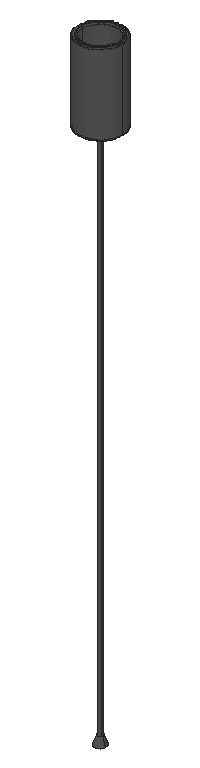
Revit family "CARLO CYLINDER LIGHT Pendant_ Surface", category Lighting Fixtures, host Face, Revit 2020 (continued)
Types (13): name | Wattage_Input | Wattage Comments | Wattage | built-in parameter 1150134 | Size 08 | Size 04 | Photometric Web File | built-in parameter 1150142 | Model | built-in parameter 1150105 | Lumens | built-in parameter 1150107 | built-in parameter 1150106 | Fixture Height | Fixture Diameter | BEAMING ANGLE | Apparent Load
    .79 819.75 824.09 827.97 831.34 \r\n 834.45 837.58 840.53 843.22 845.56 847.41 848.84 849.83 850.49 850.97 \r\n 849.27 \r\n2.1273 850.93 850.25 849.27 847.96 846.26 844.29 842.22 839.92 837.3 \r\n 834.51 831.73 828.74 825.3 821.6 817.8 813.77 809.41 804.75 799.66 \r\n 794.51 789.8 785 779.79 774.05 767.46 760.3 752.72 744.67 736.05 \r\n 727.18 718.46 709.45 699.68 689.58 679.45 669.21 658.82 648.43 638.33 \r\n 628 616.88 605.43 593.99 582.32 570.26 557.89 545.07 532.26 519.77 \r\n 507.94 497.49 487.61 477.67 467.92 458.37 449.02 439.92 430.91 421.81 \r\n 412.8 404.08 395.38 386.35 377.37 368.85 360.27 351.17 341.73 332.39 \r\n 321.94 309.19 294.56 277.77 259.76 241.49 222.65 203.11 183.38 163.92 \r\n 144.76 125.98 107.8 90.371 73.982 58.656 45.354 35.162 27.715 23.542 \r\n 21.055 18.775 16.909 15.117 13.562 12.297 11.304 10.636 10.125 9.6069 \r\n 9.1152 8.6109 8.1449 7.7728 7.4435 7.1207 6.8149 6.5245 6.2489 5.9857 \r\n 5.739 5.5181 5.3046 5.0771 4.8535 4.6471 4.4498 4.2604 4.0716 3.8684 \r\n 3.6724 3.5081 3.351 3.1797 3.0093 2.8475 2.6957 2.5637 2.4345 2.2858 \r\n 2.1425 2.0285 1.9252 1.8206 1.7187 1.6193 1.5238 1.4332 1.3491 1.2773 \r\n 1.2081 1.1313 1.0549 0.98346 0.91702 0.85851 0.80426 0.75206 0.70047 0.64503 \r\n 0.59259 0.55153 0.51282 0.4675 0.42381 0.38908 0.35703 0.32277 0.28942 0.25788 \r\n 0.22996 0.20938 0.19132 0.17164 0.15197 0.13357 0.11349 0.086633 0.060628 0.042554 \r\n 0.028976 0.019295 0.012078 0.005061 0.00013914 0 0 0 0 0 \r\n 0 0 0 0 0 0 0.00013494 0.0054518 0.015353 0.032678 \r\n 0.052164 0.068477 0.084677 0.10172 0.12058 0.14364 0.16766 0.19047 0.21124 0.22598 \r\n 0.24202 0.26657 0.2961 0.33053 0.36671 0.40032 0.43482 0.4728 0.51266 0.55311 \r\n 0.59583 0.64274 0.69188 0.74084 0.7929 0.85218 0.91374 0.97159 1.033 1.106 \r\n 1.1823 1.2566 1.3339 1.4172 1.5076 1.6101 1.7162 1.8145 1.9179 2.0367 \r\n 2.1669 2.3122 2.4606 2.5982 2.7341 2.8708 3.0153 3.1816 3.3509 3.5011 \r\n 3.6559 3.837 4.0277 4.2161 4.4089 4.6096 4.8155 5.025 5.2383 5.4527 \r\n 5.6749 5.9092 6.1597 6.4353 6.7262 7.0186 7.3335 7.6913 8.0812 8.4998 \r\n 8.9456 9.4008 9.9119 10.487 11.224 12.202 13.487 15.217 17.249 19.452 \r\n 21.921 24.27 27.818 33.699 42.084 53.815 68.01 84.227 101.98 120.68 \r\n 140.24 160.47 181.08 201.79 222.37 242.61 262.12 280.29 297.5 314.48 \r\n 329.58 340.65 349.94 359.07 367.69 375.93 384 392.16 400.34 408.53 \r\n 416.77 425.2 433.62 441.75 450.01 458.79 467.86 477.12 486.58 496.02 \r\n 505.92 516.79 528.29 540.31 552.68 565.34 577.81 589.5 600.76 611.71 \r\n 622.51 633.52 644.32 654.53 664.41 674.13 683.51 692.33 700.8 709.02 \r\n 717.17 725.6 733.79 741.26 748.28 754.91 761.36 768.03 774.52 780.48 \r\n 786.17 791.72 797.24 803.05 808.77 814.13 819.1 823.52 827.47 830.91 \r\n 834.11 837.36 840.42 843.21 845.6 847.41 848.77 849.69 850.34 850.91 \r\n 849.27 \r\n2.1273 850.8 850.05 849.2 848.05 846.3 844.29 842.32 840.13 837.46 \r\n 834.62 832.01 829.18 825.74 822 818.26 814.25 809.77 804.96 799.83 \r\n 794.71 790.19 785.57 780.34 774.55 768.06 760.96 753.23 744.99 736.33 \r\n 727.43 718.64 709.53 699.7 689.53 679.3 668.99 658.68 648.39 638.36 \r\n 628.08 616.97 605.51 594.03 582.35 570.41 558.13 545.2 532.28 519.79 \r\n 508.04 497.76 488.04 478.08 468.23 458.58 449.13 440.01 431 421.88 \r\n 412.83 404.01 395.21 386.18 377.19 368.59 359.93 350.83 341.38 331.99 \r\n 321.43 308.38 293.52 276.83 259.06 241.06 222.47 202.97 183.21 163.8 \r\n 144.65 125.82 107.52 89.838 73.227 57.885 44.68 34.706 27.488 23.428 \r\n 21.001 18.738 16.868 15.077 13.521 12.26 11.27 10.601 10.091 9.5886 \r\n 9.1138 8.6193 8.1596 7.7906 7.4612 7.1349 6.8248 6.5332 6.2564 5.9894 \r\n 5.7386 5.5148 5.2995 5.0728 4.8501 4.6423 4.4428 4.2509 4.0598 3.8557 \r\n 3.6594 3.4955 3.3387 3.1669 2.9946 2.8272 2.6706 2.5397 2.4131 2.2657 \r\n 2.1234 2.0095 1.9071 1.8077 1.7105 1.61 1.5119 1.4202 1.3361 1.2661 \r\n 1.1984 1.1193 1.0402 0.96884 0.90321 0.84494 0.79079 0.73868 0.68677 0.62985 \r\n 0.57593 0.53455 0.49596 0.4511 0.40743 0.37074 0.33694 0.30376 0.27156 0.23893 \r\n 0.20886 0.18433 0.16399 0.14879 0.13492 0.12013 0.1007 0.067104 0.03453 0.017641 \r\n 0.0084409 0.0047215 0.0037944 0.0016314 0.000044 0 0 0 0 0 \r\n 0 0 0 0 0 0 0.00019202 0.0081971 0.021805 0.043299 \r\n 0.066823 0.086823 0.10469 0.11806 0.13263 0.1552 0.18013 0.20456 0.22699 0.24255 \r\n 0.25853 0.28074 0.30868 0.34647 0.38613 0.4189 0.45125 0.48694 0.52533 0.56764 \r\n 0.61203 0.65632 0.70267 0.75245 0.80595 0.86547 0.92635 0.98151 1.0405 1.1143 \r\n 1.1919 1.2669 1.3444 1.4257 1.5147 1.6192 1.7289 1.833 1.9408 2.0573 \r\n 2.1842 2.3305 2.4797 2.6143 2.7471 2.8831 3.0284 3.198 3.3699 3.5173 \r\n 3.6683 3.848 4.0383 4.228 4.4218 4.6206 4.8245 5.0342 5.2485 5.4648 \r\n 5.6883 5.9218 6.1706 6.4449 6.7336 7.0212 7.3318 7.6897 8.079 8.4896 \r\n 8.9284 9.3881 9.9023 10.468 11.188 12.139 13.395 15.105 17.12 19.322 \r\n 21.773 24.068 27.497 33.117 41.223 52.821 66.842 82.702 99.954 117.87 \r\n 136.71 156.7 177.26 197.88 218.54 239.29 259.3 277.43 294.6 312.03 \r\n 327.67 339.06 348.58 357.86 366.59 374.94 383.07 391.21 399.38 407.74 \r\n 416.14 424.57 432.91 440.92 449 457.54 466.4 475.57 485.01 494.57 \r\n 504.56 515.25 526.54 538.47 550.81 563.58 576.21 587.98 599.28 610.15 \r\n 620.86 631.86 642.7 653.04 663.04 672.76 682.12 691.01 699.62 708.06 \r\n 716.37 724.65 732.7 740.38 747.64 754.26 760.65 767.26 773.72 779.74 \r\n 785.49 790.9 796.32 802.24 808.11 813.51 818.49 823 827.04 830.54 \r\n 833.79 837.15 840.33 843.19 845.62 847.4 848.71 849.58 850.23 850.87 \r\n 849.27 \r\n2.1273 850.72 849.95 849.14 848.03 846.29 844.28 842.36 840.2 837.52 \r\n 834.68 832.16 829.4 825.89 822.07 818.32 814.3 809.74 804.88 799.73 \r\n 794.65 790.24 785.72 780.46 774.62 768.14 761.02 753.18 744.84 736.13 \r\n 727.18 718.29 709.1 699.27 689.11 678.83 668.48 658.16 647.88 637.81 \r\n 627.5 616.36 604.88 593.43 581.77 569.83 557.53 544.54 531.56 519.09 \r\n 507.38 497.15 487.47 477.51 467.67 458.03 448.6 439.45 430.39 421.22 \r\n 412.1 403.21 394.34 385.28 376.26 367.57 358.82 349.7 340.24 330.79 \r\n 320.09 306.73 291.57 274.78 257.02 239.12 220.68 201.34 181.73 162.35 \r\n 143.2 124.4 106.1 88.284 71.595 56.419 43.487 33.848 26.944 23.05 \r\n 20.715 18.495 16.64 14.871 13.337 12.105 11.14 10.48 9.9759 9.4871 \r\n 9.029 8.5542 8.1114 7.7481 7.4204 7.0966 6.7885 6.4992 6.2245 5.9591 \r\n 5.7093 5.4853 5.2698 5.044 4.8224 4.6156 4.4167 4.224 4.0326 3.8312 \r\n 3.6375 3.4728 3.3147 3.1437 2.9727 2.8059 2.6498 2.5189 2.3928 2.2481 \r\n 2.1082 1.9934 1.89 1.7919 1.6961 1.5948 1.4959 1.4052 1.322 1.2521 \r\n 1.1842 1.1048 1.026 0.95674 0.89337 0.836 0.78203 0.72913 0.67656 0.6207 \r\n 0.5679 0.52605 0.48693 0.44286 0.4 0.3628 0.32865 0.29688 0.26604 0.23331 \r\n 0.20222 0.17478 0.15264 0.14094 0.13129 0.11772 0.098165 0.063048 0.028935 0.012299 \r\n 0.003838 0.00035055 0 0 0 0 0 0 0 0 \r\n 0 0 0 0 0 0 0.00019859 0.0086007 0.022533 0.043772 \r\n 0.066971 0.087308 0.10498 0.1158 0.12811 0.15163 0.17803 0.20212 0.22418 0.24094 \r\n 0.2579 0.27906 0.30575 0.3436 0.38375 0.41735 0.45005 0.48404 0.52077 0.56374 \r\n 0.6089 0.65195 0.69707 0.74732 0.80163 0.86137 0.92219 0.97686 1.0355 1.1099 \r\n 1.188 1.262 1.3379 1.4176 1.5054 1.6093 1.7195 1.8267 1.9372 2.0526 \r\n 2.1779 2.3247 2.4745 2.608 2.7394 2.8741 3.0188 3.1902 3.3642 3.5125 \r\n 3.6634 3.8409 4.0294 4.2206 4.4163 4.6149 4.8184 5.0283 5.2433 5.4607 \r\n 5.6855 5.92 6.1694 6.4427 6.7299 7.0165 7.3257 7.6811 8.0674 8.4744 \r\n 8.911 9.3738 9.8894 10.446 11.155 12.099 13.345 15.029 17.025 19.241 \r\n 21.705 23.98 27.363 32.907 40.912 52.409 66.266 81.829 98.693 116.1 \r\n 134.46 154.14 174.52 195.13 215.91 236.94 257.26 275.6 292.96 310.59 \r\n 326.42 338.01 347.7 357.11 365.93 374.34 382.53 390.71 398.92 407.35 \r\n 415.83 424.24 432.53 440.5 448.52 456.89 465.59 474.75 484.22 493.82 \r\n 503.8 514.33 525.44 537.29 549.64 562.47 575.18 587.05 598.43 609.3 \r\n 619.98 630.96 641.79 652.17 662.22 671.93 681.29 690.24 698.93 707.51 \r\n 715.9 724.08 732.03 739.82 747.2 753.78 760.11 766.77 773.29 779.34 \r\n 785.09 790.45 795.82 801.79 807.74 813.17 818.22 822.86 827.03 830.48 \r\n 833.67 837.08 840.32 843.19 845.61 847.38 848.68 849.58 850.24 850.89 \r\n 849.27 \r\n2.1273 850.7 849.95 849.08 847.91 846.23 844.28 842.32 840.13 837.48 \r\n 834.69 832.18 829.4 825.77 821.81 817.96 813.89 809.33 804.49 799.37 \r\n 794.31 789.93 785.42 780.15 774.26 767.68 760.45 752.57 744.2 735.43 \r\n 726.41 717.41 708.16 698.39 688.32 678.06 667.67 657.28 646.89 636.69 \r\n 626.25 615.04 603.55 592.18 580.59 568.52 556.07 543.06 530.1 517.67 \r\n 505.97 495.66 485.91 475.99 466.22 456.74 447.43 438.23 429.08 419.83 \r\n 410.64 401.68 392.77 383.67 374.61 365.81 356.96 347.81 338.32 328.81 \r\n 317.97 304.3 288.79 271.69 253.7 235.71 217.32 198.27 178.95 159.6 \r\n 140.44 121.73 103.54 85.736 69.131 54.301 41.807 32.609 26.09 22.412 \r\n 20.202 18.048 16.227 14.502 13.013 11.835 10.918 10.276 9.7816 9.3052 \r\n 8.8631 8.4171 8.0011 7.6462 7.3222 7.0068 6.7071 6.4235 6.1539 5.8954 \r\n 5.6516 5.4305 5.2165 4.9915 4.7711 4.5677 4.3724 4.1806 3.9908 3.7958 \r\n 3.6075 3.4407 3.2799 3.1109 2.9441 2.7845 2.6343 2.5023 2.3744 2.2335 \r\n 2.0972 1.9809 1.8743 1.7736 1.6758 1.5742 1.4763 1.3886 1.3073 1.2357 \r\n 1.166 1.0884 1.0128 0.94756 0.88776 0.83191 0.7782 0.72371 0.67024 0.61793 \r\n 0.56877 0.52632 0.48604 0.44312 0.40187 0.36565 0.33252 0.30245 0.27319 0.24136 \r\n 0.21041 0.18133 0.15802 0.14864 0.14136 0.12642 0.10586 0.074599 0.04419 0.026947 \r\n 0.015478 0.0059441 0 0 0 0 0 0 0 0 \r\n 0 0 0 0 0 0 0.00015269 0.0065415 0.017317 0.033957 \r\n 0.052564 0.069853 0.085465 0.095054 0.1073 0.13315 0.16145 0.18322 0.20287 0.2211 \r\n 0.24007 0.26154 0.28738 0.32192 0.35949 0.39552 0.43103 0.46404 0.49902 0.54136 \r\n 0.5863 0.62963 0.67515 0.7255 0.7799 0.8398 0.90118 0.95754 1.0178 1.0928 \r\n 1.1705 1.2417 1.3145 1.3932 1.4798 1.5807 1.6883 1.7955 1.9068 2.0223 \r\n 2.1476 2.2946 2.4447 2.5792 2.711 2.8437 2.9864 3.1579 3.3334 3.4862 \r\n 3.6407 3.8155 4.0008 4.1935 4.3918 4.5921 4.7966 5.0069 5.222 5.4398 \r\n 5.6655 5.9031 6.155 6.4277 6.7141 7.0034 7.3142 7.6643 8.0453 8.4531 \r\n 8.8919 9.3561 9.871 10.42 11.123 12.079 13.331 14.987 16.961 19.206 \r\n 21.71 23.998 27.408 33.058 41.135 52.559 66.26 81.592 98.202 115.41 \r\n 133.55 152.87 172.96 193.63 214.55 235.59 256.01 274.82 292.6 310.17 \r\n 325.85 337.52 347.34 356.82 365.71 374.16 382.38 390.66 398.96 407.38 \r\n 415.82 424.21 432.5 440.52 448.57 456.85 465.46 474.68 484.22 493.77 \r\n 503.64 514.01 524.98 536.81 549.17 562 574.74 586.71 598.2 609.15 \r\n 619.89 630.82 641.58 651.93 661.95 671.66 681.04 690.03 698.75 707.36 \r\n 715.75 723.89 731.79 739.58 746.96 753.46 759.75 766.56 773.24 779.27 \r\n 784.97 790.35 795.76 801.72 807.66 813.16 818.3 823.13 827.42 830.74 \r\n 833.76 837.13 840.37 843.2 845.59 847.36 848.69 849.68 850.4 850.95 \r\n 849.27 \r\n2.1273 850.69 849.98 849.03 847.78 846.16 844.28 842.27 840.03 837.43 \r\n 834.69 832.16 829.32 825.56 821.46 817.51 813.38 808.84 804.04 798.96 \r\n 793.92 789.54 785.01 779.7 773.75 767.05 759.72 751.82 743.43 734.61 \r\n 725.52 716.42 707.1 697.42 687.46 677.23 666.82 656.35 645.84 635.47 \r\n 624.87 613.59 602.08 590.8 579.26 567.04 554.43 541.41 528.49 516.12 \r\n 504.47 494.06 484.2 474.31 464.64 455.33 446.16 436.92 427.67 418.35 \r\n 409.09 400.09 391.14 382.02 372.91 364.01 355.06 345.89 336.38 326.79 \r\n 315.81 301.87 286.03 268.59 250.29 232.15 213.76 194.97 175.94 156.6 \r\n 137.42 118.83 100.78 83.047 66.585 52.133 40.093 31.338 25.201 21.738 \r\n 19.652 17.565 15.782 14.106 12.666 11.547 10.681 10.06 9.5755 9.1107 \r\n 8.6834 8.2669 7.8784 7.5317 7.2111 6.9052 6.6149 6.3373 6.0733 5.8228 \r\n 5.5863 5.3688 5.1568 4.9326 4.7132 4.5136 4.3222 4.132 3.9444 3.7566 \r\n 3.5744 3.4052 3.2412 3.0746 2.9129 2.7616 2.6184 2.485 2.3547 2.2177 \r\n 2.0852 1.9674 1.8577 1.7536 1.6531 1.5516 1.4552 1.3711 1.2918 1.2181 \r\n 1.1464 1.071 0.99919 0.93811 0.88198 0.82771 0.77431 0.71835 0.66414 0.61571 \r\n 0.57048 0.52737 0.48587 0.4444 0.40511 0.37001 0.33802 0.30974 0.28222 0.25166 \r\n 0.22127 0.19106 0.16685 0.15937 0.15382 0.1368 0.11491 0.088597 0.063024 0.045166 \r\n 0.030038 0.012957 0 0 0 0 0 0 0 0 \r\n 0 0 0 0 0 0 0.000099 0.0040837 0.011165 0.022609 \r\n 0.036029 0.049663 0.062902 0.071795 0.084609 0.11285 0.14286 0.16183 0.17864 0.19838 \r\n 0.21957 0.24174 0.26686 0.29723 0.33137 0.37 0.4088 0.44125 0.47471 0.51593 \r\n 0.56022 0.60431 0.65078 0.70118 0.75545 0.81525 0.87705 0.93548 0.99778 1.0732 \r\n 1.1504 1.2187 1.2883 1.366 1.4517 1.5493 1.6538 1.7604 1.872 1.9876 \r\n 2.1131 2.2599 2.4102 2.546 2.6785 2.8093 2.9499 3.1207 3.2971 3.4552 \r\n 3.6142 3.7864 3.9684 4.1625 4.3633 4.565 4.7706 4.9816 5.1972 5.4149 \r\n 5.6411 5.8817 6.1365 6.4084 6.694 6.9867 7.2996 7.6439 8.0189 8.4277 \r\n 8.8688 9.3333 9.8466 10.388 11.086 12.054 13.314 14.937 16.884 19.154 \r\n 21.698 24.006 27.454 33.228 41.396 52.752 66.304 81.415 97.804 114.91 \r\n 132.93 151.89 171.68 192.4 213.45 234.42 254.87 274.19 292.44 309.89 \r\n 325.36 337.09 347.01 356.57 365.51 373.98 382.24 390.62 399.01 407.4 \r\n 415.77 424.13 432.42 440.51 448.62 456.85 465.41 474.69 484.28 493.77 \r\n 503.53 513.77 524.62 536.43 548.8 561.62 574.37 586.44 598.04 609.12 \r\n 619.93 630.82 641.51 651.8 661.78 671.49 680.89 689.92 698.67 707.28 \r\n 715.66 723.76 731.63 739.38 746.73 753.16 759.44 766.42 773.27 779.28 \r\n 784.93 790.36 795.81 801.73 807.64 813.21 818.47 823.48 827.88 831.06 \r\n 833.88 837.21 840.43 843.2 845.55 847.34 848.72 849.81 850.57 851.03 \r\n 849.27 \r\n2.1273 850.7 850.03 848.98 847.65 846.09 844.28 842.21 839.92 837.38 \r\n 834.69 832.14 829.22 825.33 821.1 817.04 812.84 808.32 803.58 798.55 \r\n 793.56 789.14 784.55 779.18 773.16 766.34 758.91 751 742.62 733.76 \r\n 724.61 715.41 706.04 696.46 686.61 676.4 665.97 655.43 644.8 634.24 \r\n 623.47 612.11 600.59 589.39 577.91 565.53 552.74 539.72 526.86 514.61 \r\n 503.02 492.51 482.55 472.67 463.09 453.96 444.93 435.65 426.31 416.93 \r\n 407.63 398.6 389.62 380.48 371.33 362.35 353.32 344.13 334.59 324.92 \r\n 313.81 299.65 283.54 265.74 247.13 228.79 210.33 191.76 172.96 153.61 \r\n 134.39 115.92 98.036 80.435 64.165 50.086 38.473 30.131 24.346 21.081 \r\n 19.111 17.087 15.341 13.715 12.327 11.266 10.449 9.8492 9.3758 8.9214 \r\n 8.5071 8.1181 7.7555 7.416 7.0983 6.8015 6.5205 6.2487 5.99 5.7476 \r\n 5.5185 5.305 5.0952 4.8718 4.6533 4.4572 4.2697 4.0814 3.8964 3.7158 \r\n 3.5396 3.368 3.2009 3.037 2.8805 2.7378 2.6016 2.4665 2.3335 2.2001 \r\n 2.0712 1.9525 1.8402 1.7324 1.6291 1.528 1.4336 1.3529 1.2758 1.2001 \r\n 1.1265 1.0534 0.9852 0.92799 0.87522 0.82242 0.7694 0.71233 0.6577 0.61297 \r\n 0.57139 0.52757 0.48494 0.44522 0.40816 0.37403 0.34299 0.31654 0.29091 0.26182 \r\n 0.23229 0.20144 0.17663 0.17067 0.16629 0.14672 0.12325 0.10211 0.081717 0.063396 \r\n 0.044684 0.020027 0 0 0 0 0 0 0 0 \r\n 0 0 0 0 0 0 0.000045 0.0016107 0.0050632 0.01164 \r\n 0.0202 0.030188 0.041094 0.049795 0.063586 0.093928 0.1252 0.14122 0.15512 0.1763 \r\n 0.19969 0.22277 0.2473 0.27317 0.30348 0.34451 0.3866 0.41893 0.45124 0.49098 \r\n 0.53426 0.57941 0.62723 0.67767 0.73165 0.791 0.85291 0.91338 0.97773 1.0535 \r\n 1.1301 1.1957 1.2626 1.3394 1.4241 1.5187 1.6203 1.7261 1.8376 1.9532 \r\n 2.0787 2.2252 2.3754 2.5124 2.6458 2.7749 2.9134 3.0828 3.2596 3.423 \r\n 3.5868 3.7568 3.9357 4.1309 4.3337 4.5362 4.7426 4.955 5.1715 5.3885 \r\n 5.6145 5.8578 6.1151 6.3859 6.6705 6.9665 7.2814 7.6201 7.9888 8.3977 \r\n 8.8398 9.3034 9.8141 10.349 11.042 12.019 13.28 14.867 16.782 19.069 \r\n 21.645 23.972 27.455 33.331 41.567 52.854 66.262 81.155 97.341 114.43 \r\n 132.39 151.03 170.52 191.28 212.42 233.26 253.69 273.51 292.24 309.58 \r\n 324.83 336.61 346.64 356.25 365.24 373.73 382.02 390.51 398.97 407.3 \r\n 415.58 423.92 432.22 440.37 448.54 456.76 465.32 474.64 484.26 493.68 \r\n 503.35 513.47 524.22 536.02 548.41 561.2 573.96 586.11 597.84 609.05 \r\n 619.96 630.83 641.45 651.67 661.61 671.32 680.75 689.82 698.61 707.2 \r\n 715.56 723.64 731.48 739.18 746.47 752.85 759.13 766.29 773.32 779.32 \r\n 784.93 790.41 795.9 801.77 807.64 813.29 818.69 823.85 828.34 831.38 \r\n 834.02 837.3 840.5 843.2 845.5 847.32 848.77 849.94 850.75 851.11 \r\n 849.27 \r\n2.1273 850.71 850.07 848.95 847.54 846.03 844.28 842.16 839.81 837.34 \r\n 834.72 832.11 829.1 825.12 820.78 816.62 812.35 807.84 803.15 798.2 \r\n 793.25 788.78 784.1 778.65 772.54 765.63 758.12 75
    0.21 741.84 732.95 \r\n 723.75 714.48 705.07 695.58 685.84 675.65 665.2 654.6 643.87 633.13 \r\n 622.18 610.75 599.21 588.08 576.64 564.09 551.15 538.13 525.36 513.26 \r\n 501.81 491.21 481.14 471.27 461.75 452.76 443.86 434.55 425.14 415.73 \r\n 406.41 397.36 388.36 379.21 370.05 361.01 351.9 342.71 333.16 323.41 \r\n 312.17 297.87 281.56 263.45 244.52 225.97 207.4 188.94 170.29 150.89 \r\n 131.62 113.26 95.54 78.118 62.08 48.331 37.079 29.085 23.595 20.498 \r\n 18.627 16.657 14.943 13.365 12.025 11.016 10.242 9.6631 9.2007 8.7553 \r\n 8.3517 7.9857 7.6446 7.3106 6.9947 6.7057 6.4327 6.1654 5.9112 5.676 \r\n 5.4537 5.244 5.0365 4.8137 4.5959 4.4028 4.2186 4.0322 3.8498 3.6758 \r\n 3.5049 3.3311 3.1613 2.9999 2.8483 2.7132 2.5832 2.4465 2.3108 2.18 \r\n 2.0542 1.9353 1.8215 1.7107 1.6049 1.5046 1.4123 1.3348 1.2596 1.1824 \r\n 1.1073 1.0361 0.9709 0.91677 0.86667 0.81507 0.76248 0.70495 0.65038 0.60861 \r\n 0.56984 0.5253 0.48178 0.44413 0.40946 0.37586 0.34526 0.32061 0.29699 0.26947 \r\n 0.24098 0.20996 0.18487 0.18008 0.17636 0.15407 0.12881 0.11221 0.09655 0.078041 \r\n 0.056577 0.026168 0.00067114 0 0 0 0 0 0 0 \r\n 0 0 0 0 0 0 0 0 0 0.0029607 \r\n 0.0079125 0.014875 0.023841 0.032832 0.047786 0.079568 0.11142 0.12467 0.13594 0.15837 \r\n 0.18375 0.20777 0.23183 0.2534 0.27992 0.32276 0.36765 0.40031 0.43202 0.47004 \r\n 0.512 0.55836 0.60775 0.65827 0.71183 0.77034 0.83185 0.89392 0.95999 1.036 \r\n 1.112 1.1757 1.2405 1.3165 1.4004 1.4939 1.5924 1.6975 1.8085 1.9236 \r\n 2.0487 2.1947 2.3447 2.4826 2.6167 2.7445 2.8812 3.0485 3.2249 3.3932 \r\n 3.5616 3.7299 3.9061 4.1021 4.3062 4.5085 4.7148 4.9291 5.1473 5.3632 \r\n 5.588 5.8332 6.0923 6.3616 6.6448 6.9432 7.2596 7.5931 7.9558 8.3626 \r\n 8.8034 9.2646 9.7717 10.3 10.987 11.965 13.219 14.766 16.643 18.933 \r\n 21.524 23.864 27.364 33.279 41.524 52.728 65.996 80.664 96.66 113.77 \r\n 131.75 150.13 169.36 190.11 211.29 231.96 252.32 272.59 291.77 309.05 \r\n 324.14 335.99 346.12 355.79 364.82 373.33 381.64 390.21 398.74 406.99 \r\n 415.18 423.5 431.81 440 448.22 456.48 465.05 474.4 484.01 493.38 \r\n 502.97 513 523.67 535.46 547.85 560.62 573.38 585.62 597.45 608.8 \r\n 619.83 630.69 641.26 651.45 661.35 671.07 680.52 689.63 698.47 707.05 \r\n 715.38 723.44 731.26 738.9 746.15 752.5 758.81 766.13 773.32 779.34 \r\n 784.93 790.45 795.97 801.78 807.61 813.36 818.89 824.18 828.73 831.65 \r\n 834.14 837.37 840.54 843.19 845.46 847.32 848.82 850.07 850.9 851.17 \r\n 849.27 \r\n" | "CCL3-06-10SPSW8-60-PSM-BK" | 902.32 (stored number, unit not read) | 900 lm | 3000 (stored number, unit not read) | 9.0232 (stored number, unit not read) | 0' - 6 51/256" | 0' - 3" | 60.00° | 10 VA
